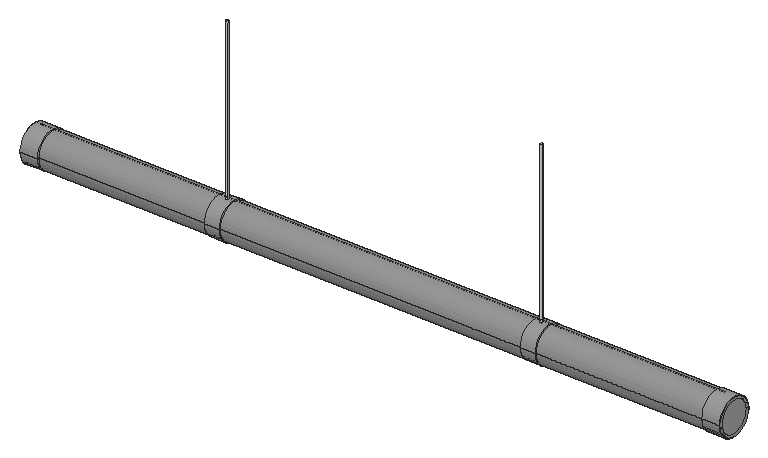
Revit family "JENNY_3000K_1860k", category Lighting Fixtures, host Ceiling, Revit 2021
Family settings
  Host = Ceiling
  Round Connector Dimension = Use Diameter
  Part Type = Normal
  OmniClass Number = 23.80.70.11
  OmniClass Title = Luminaries for Internal Lighting
  Always vertical = Yes
  Cut with Voids When Loaded = No
  Light Source = Yes
  Shared = No
  Room Calculation Point = No
Parameters (values of type "Type 1")
  Wattage = 12.5217 W
  built-in parameter 1150110 = 1 (stored number, unit not read)
  Type de lampe = "LED Edison"
  Type = "Tubulaire étanche"
  built-in parameter 1114217 = 1 (stored number, unit not read)
  Tilt Angle = 90.00°
  built-in parameter 1150109 = 1 (stored number, unit not read)
  built-in parameter 1150134 = (empty or 0)
  built-in parameter 1150113 = 1 (stored number, unit not read)
  SDCM = "<5"
  Puissance nominale = "20W"
  Poids = "0,9 kgs"
  Photometric Web File = "google_eulumdat_converter (6).ies"
  Matériau = "Polycarbonate"
  Maintien du flux = "L80B10 (50 000 heures)"
  Lumens = 1860 lm
  built-in parameter 1150115 = 1 (stored number, unit not read)
  built-in parameter 1150105 = 148.01 (stored number, unit not read)
  built-in parameter 1150137 = (empty or 0)
  built-in parameter 1150139 = (empty or 0)
  built-in parameter 1150112 = 1 (stored number, unit not read)
  built-in parameter 1150114 = 1 (stored number, unit not read)
  built-in parameter 1150132 = 2
  built-in parameter 1150102 = (empty or 0)
  built-in parameter 1150138 = (empty or 0)
  built-in parameter 1150107 = 3000 (stored number, unit not read)
  built-in parameter 1150106 = 1.4801 (stored number, unit not read)
  IRC = ">80"
  Emit from Line Length = 609.6 mm
  built-in parameter 1150104 = 13.8 (stored number, unit not read)
  Durée de vie = "50 000 heures"
  Driver = "Driver Lifud"
  Dimming Lamp Color Temperature Shift = <None>
  Dimensions = "Ø 45 x 900 mm"
  Diffuseur = "Opale"
  Default Elevation = 0 mm
  Color Filter = 16777215
  built-in parameter 1114218 = 1 (stored number, unit not read)
  built-in parameter 1150133 = 10 (stored number, unit not read)
  Angle d'éclairage = "120°"
  Alimentation = "AC 200-240V"
Reference planes
  plane 1 "Light Source Axis (F/B)": y = 0
  plane 2: z = 0
  plane 3 "Light Source Axis (L/R)": x = 0
  plane 4 "Ceiling": z = 4000
  plane 5 "Light Source Elevation": z = 3750
Forms (mm)
  Extrusion 1, solid, material "Glass, White, High Luminance"
    sketch origin (0, 0, 0) x (0, 1, 0) y (0, 0, 1)
      loop
        circle (0, 3772.5) r 22.5
      loop
        circle (0, 3772.5) r 20
    from -450 to 450
  Extrusion 2, solid, material "Default"
    sketch origin (0, 0, 0) x (0, 1, 0) y (0, 0, -1)
      loop
        circle (0, -3772.5) r 23.001
    from 427.28 to 450
  Extrusion 3, solid, material "Default"
    sketch origin (0, 0, 0) x (0, 1, 0) y (0, 0, 1)
      loop
        circle (0, 3772.5) r 22.5
      loop
        circle (0, 3772.5) r 23.001
    from 193.684 to 212.824
  Extrusion 4, solid, material "Default"
    sketch origin (0, 0, 0) x (0, 1, 0) y (0, 0, -1)
      loop
        circle (0, -3772.5) r 22.5
      loop
        circle (0, -3772.5) r 23.001
    from 193.684 to 212.824
  Extrusion 5, solid
    sketch origin (0, 0, 4000) x (0, 1, 0) y (-1, 0, 0)
      loop
        circle (0, 202.205) r 1.43
    from -205 to 0
  Extrusion 6, solid
    sketch origin (0, 0, 4000) x (0, -1, 0) y (1, 0, 0)
      loop
        circle (0, 202.205) r 1.43
    from -205 to 0
  Extrusion 7, solid, material "Default"
    sketch origin (0, 0, 0) x (0, 1, 0) y (0, 0, 1)
      loop
        circle (0, 3772.5) r 23.001
    from 427.28 to 450
Lines and regions (mm)
  reference lines
    curve 1: line (0, 0, 4000) -> (300, 0, 4000)
    curve 2: line (0, 0, 4000) -> (-300, 0, 4000)
    curve 3: line (0, 0, 3750) -> (0, 0, 3795)
    curve 4: line (0, 0, 3772.5) -> (-450, 0, 3772.5)
    curve 5: line (0, 0, 3772.5) -> (450, 0, 3772.5)
Dimensions and locks
  equal spacing: host sketch curve, plane 3 "Light Source Axis (L/R)", host sketch curve
  equal spacing: host sketch curve, plane 1 "Light Source Axis (F/B)", host sketch curve
  host sketch curve to host sketch curve = 4000 mm  (x2)
  plane 4 "Ceiling" to host ceiling = 0 mm
  aligned and locked: plane 3 "Light Source Axis (L/R)" to imposter light
  aligned and locked: plane 1 "Light Source Axis (F/B)" to imposter light
  aligned and locked: plane 5 "Light Source Elevation" to imposter light
